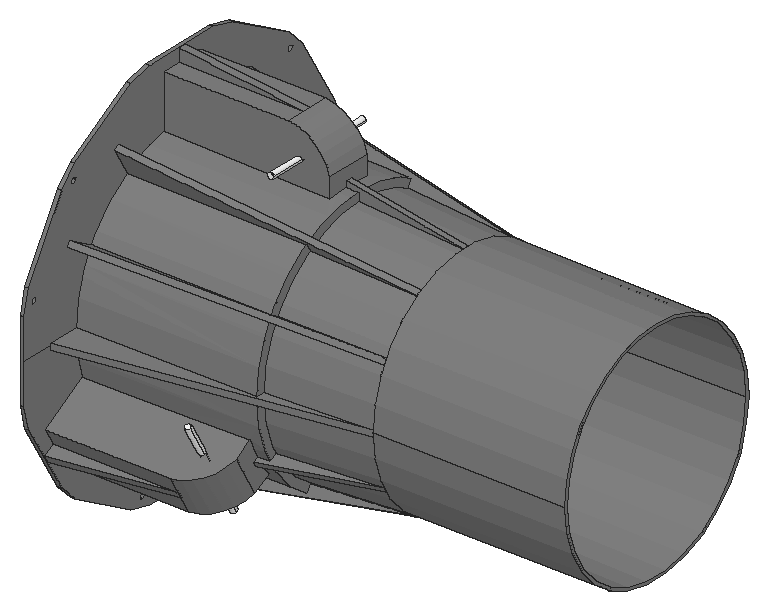
Revit family "H100FWS-RR", category Pipe Accessories, Revit 2016
Family settings
  Part Type = Breaks Into
  Round Connector Dimension = Use Diameter
  Work Plane-Based = No
  Always vertical = No
  Cut with Voids When Loaded = No
  Shared = No
Parameters
  URL = "http://www.snapcollars.com.au"
  Model = "H100FWS-RR"
  Manufacturer = "Snap Fire Systems"
  Description = "The H100FWS-RR is a high-top, cast-in fire collar for concrete slabs 150mm or thicker.\r\n\r\nApproved for stack applications only."
  Cut Depth Offset [instance] = Cut Depth + 1 mm  # 1 mm
  Cut Depth [instance] = 0 mm
  Assembly Code = ""
Reference planes
  plane 1 "Center (Front/Back)": y = 0
  plane 2: z = 0
  plane 3 "Center (Left/Right)": x = 21
  plane 4: x = -230
  plane 5: x = -80
  plane 6: y = 90.593
  plane 7: y = -50
  plane 8: y = 100.593
  plane 9: y = -60
  plane 10: x = -99.679
  plane 11: x = -79.975
Forms (mm)
  Revolve 1, solid, material "PVC-Black", detail levels medium+fine
    sketch origin (0, 0, 0) x (1, 0, 0) y (0, 1, 0)
      loop
        line (-227.967, -69.144) -> (-134.479, -68.001) -> (-134.479, -63.623) -> (-79.996, -60.419) -> (21, -59.891) -> (21, -58.577) -> (-141.666, -55.896) -> (-141.666, -63.997) -> (-230, -65.169) -> (-230, -105) -> (-227.967, -105) -> (-227.967, -69.144)
      axis (-230, 0) -> (21, 0)
    angle from 0 to 360
  Extrusion 2, void
    sketch origin (-227.967, 0, 0) x (0, 1, 0) y (0, 0, -1)
      loop
        line (-27.564, -102.871) -> (27.564, -102.871) -> (75.307, -75.307) -> (102.871, -27.564) -> (102.871, 27.564) -> (75.307, 75.307) -> (27.564, 102.871) -> (-27.564, 102.871) -> (-75.307, 75.307) -> (-102.871, 27.564) -> (-102.871, -27.564) -> (-75.307, -75.307) -> (-27.564, -102.871)
      loop
        circle (0, 0) r 118.785
    from 0 to 2.033
  Extrusion 3, void
    sketch origin (-227.967, 0, 0) x (0, 1, 0) y (0, 0, -1)
      loop
        circle (-70.697, -70.697) r 1.577
      loop
        circle (-96.574, -25.877) r 1.577
      loop
        circle (96.571, -25.888) r 1.577
      loop
        circle (70.689, -70.705) r 1.577
      loop
        circle (-25.877, 96.574) r 1.577
      loop
        circle (25.877, 96.574) r 1.577
    from 0 to 2.033
  Extrusion 4, solid, material "PVC-Black", detail levels fine
    sketch origin (0, 0, 0) x (1, 0, 0) y (0, 0, 1)
      loop
        line (-80, 60.418) -> (-227.967, 86.048) -> (-227.967, 69.12) -> (-80, 60.418)
    from -1.5 to 1.5
  Extrusion 5, solid, material "PVC-Black", detail levels fine
    sketch origin (0, 0, 0) x (1, 0, 0) y (0, -0.5, 0.866025)
      loop
        line (-80, 60.418) -> (-227.967, 86.048) -> (-227.967, 69.12) -> (-80, 60.418)
    from -1.5 to 1.5
  Extrusion 6, solid, material "PVC-Black", detail levels fine
    sketch origin (0, 0, 0) x (1, 0, 0) y (0, -0.866025, 0.5)
      loop
        line (-80, 60.418) -> (-227.967, 86.048) -> (-227.967, 69.12) -> (-80, 60.418)
    from -1.5 to 1.5
  Extrusion 7, solid, material "PVC-Black", detail levels fine
    sketch origin (0, 0, 0) x (0, -1, 0) y (-1, 0, 0)
      loop
        line (60.418, 80) -> (86.048, 227.967) -> (69.12, 227.967) -> (60.418, 80)
    from -1.5 to 1.5
  Extrusion 8, solid, material "PVC-Black", detail levels fine
    sketch origin (0, 0, 0) x (1, 0, 0) y (0, -0.866025, -0.5)
      loop
        line (-80, 60.418) -> (-227.967, 86.048) -> (-227.967, 69.12) -> (-80, 60.418)
    from -1.5 to 1.5
  Extrusion 9, solid, material "PVC-Black", detail levels fine
    sketch origin (0, 0, 0) x (1, 0, 0) y (0, -0.5, -0.866025)
      loop
        line (-80, 60.418) -> (-227.967, 86.048) -> (-227.967, 69.12) -> (-80, 60.418)
    from -1.5 to 1.5
  Extrusion 10, solid, material "PVC-Black", detail levels fine
    sketch origin (0, 0, 0) x (1, 0, 0) y (0, 0, -1)
      loop
        line (-80, 60.418) -> (-227.967, 86.048) -> (-227.967, 69.12) -> (-80, 60.418)
    from -1.5 to 1.5
  Extrusion 11, solid, material "PVC-Black", detail levels fine
    sketch origin (0, 0, 0) x (1, 0, 0) y (0, 0.5, -0.866025)
      loop
        line (-80, 60.418) -> (-227.967, 86.048) -> (-227.967, 69.12) -> (-80, 60.418)
    from -1.5 to 1.5
  Extrusion 12, solid, material "PVC-Black", detail levels fine
    sketch origin (0, 0, 0) x (1, 0, 0) y (0, 0.866025, -0.5)
      loop
        line (-80, 60.418) -> (-227.967, 86.048) -> (-227.967, 69.12) -> (-80, 60.418)
    from -1.5 to 1.5
  Extrusion 13, solid, material "PVC-Black", detail levels fine
    sketch origin (0, 0, 0) x (1, 0, 0) y (0, 1, 0)
      loop
        line (-80, 60.418) -> (-227.967, 86.048) -> (-227.967, 69.12) -> (-80, 60.418)
    from -1.5 to 1.5
  Extrusion 14, solid, material "PVC-Black", detail levels fine
    sketch origin (0, 0, 0) x (1, 0, 0) y (0, 0.866025, 0.5)
      loop
        line (-80, 60.418) -> (-227.967, 86.048) -> (-227.967, 69.12) -> (-80, 60.418)
    from -1.5 to 1.5
  Extrusion 15, solid, material "PVC-Black", detail levels fine
    sketch origin (0, 0, 0) x (1, 0, 0) y (0, 0.5, 0.866025)
      loop
        line (-80, 60.418) -> (-227.967, 86.048) -> (-227.967, 69.12) -> (-80, 60.418)
    from -1.5 to 1.5
  Extrusion 16, solid, material "PVC-Black", detail levels medium+fine
    sketch origin (0, 0, 0) x (1, 0, 0) y (0, 0, 1)
      loop
        line (-227.967, 58.439) -> (-140.967, 58.439) -> (-140.967, 77.244)
        arc (-140.967, 77.244) -> (-148.679, 90.01) -> (-162.316, 96.048) r 24.811
        line (-162.316, 96.048) -> (-227.967, 96.048) -> (-227.967, 58.439)
    from -12 to 12
  Extrusion 17, solid, material "PVC-Black", detail levels medium+fine
    sketch origin (0, 0, 0) x (1, 0, 0) y (0, -0.866025, -0.5)
      loop
        line (-227.967, 58.439) -> (-140.967, 58.439) -> (-140.967, 77.244)
        arc (-140.967, 77.244) -> (-148.679, 90.01) -> (-162.316, 96.048) r 24.811
        line (-162.316, 96.048) -> (-227.967, 96.048) -> (-227.967, 58.439)
    from -12 to 12
  Extrusion 18, solid, material "PVC-Black", detail levels medium+fine
    sketch origin (0, 0, 0) x (1, 0, 0) y (0, 0.866025, -0.5)
      loop
        line (-227.967, 58.439) -> (-140.967, 58.439) -> (-140.967, 77.244)
        arc (-140.967, 77.244) -> (-148.679, 90.01) -> (-162.316, 96.048) r 24.811
        line (-162.316, 96.048) -> (-227.967, 96.048) -> (-227.967, 58.439)
    from -12 to 12
  Extrusion 19, solid, material "PVC-Black", detail levels fine
    sketch origin (0, 0, 0) x (1, 0, 0) y (0, 0, 1)
      loop
        line (-227.967, 102.871) -> (-227.967, 96.048) -> (-162.316, 96.048) -> (-227.967, 102.871)
    from -2 to 2
  Extrusion 20, solid, material "PVC-White", detail levels fine
    sketch origin (0, 0, 0) x (1, 0, 0) y (0, 0.866025, -0.5)
      loop
        line (-227.967, 102.871) -> (-227.967, 96.048) -> (-162.316, 96.048) -> (-227.967, 102.871)
    from -2 to 2
  Extrusion 21, solid, material "PVC-Black", detail levels fine
    sketch origin (0, 0, 0) x (1, 0, 0) y (0, -0.866025, -0.5)
      loop
        line (-227.967, 102.871) -> (-227.967, 96.048) -> (-162.316, 96.048) -> (-227.967, 102.871)
    from -2 to 2
  Extrusion 22, solid, material "PVC-White", not visible, detail levels fine
    sketch origin (0, 0, 0) x (1, 0, 0) y (0, 0, 1)
      loop
        line (-80, 60.418) -> (-227.967, 86.048) -> (-227.967, 69.12) -> (-80, 60.418)
    from -1.5 to 1.5
  Extrusion 23, solid, material "PVC-White", not visible, detail levels fine
    sketch origin (0, 0, 0) x (1, 0, 0) y (0, -0.5, 0.866025)
      loop
        line (-80, 60.418) -> (-227.967, 86.048) -> (-227.967, 69.12) -> (-80, 60.418)
    from -1.5 to 1.5
  Extrusion 24, solid, material "PVC-White", not visible, detail levels fine
    sketch origin (0, 0, 0) x (1, 0, 0) y (0, -0.866025, 0.5)
      loop
        line (-80, 60.418) -> (-227.967, 86.048) -> (-227.967, 69.12) -> (-80, 60.418)
    from -1.5 to 1.5
  Extrusion 25, solid, material "PVC-White", not visible, detail levels fine
    sketch origin (0, 0, 0) x (0, -1, 0) y (-1, 0, 0)
      loop
        line (60.418, 80) -> (86.048, 227.967) -> (69.12, 227.967) -> (60.418, 80)
    from -1.5 to 1.5
  Extrusion 26, solid, material "PVC-White", not visible, detail levels fine
    sketch origin (0, 0, 0) x (1, 0, 0) y (0, -0.866025, -0.5)
      loop
        line (-80, 60.418) -> (-227.967, 86.048) -> (-227.967, 69.12) -> (-80, 60.418)
    from -1.5 to 1.5
  Extrusion 27, solid, material "PVC-White", not visible, detail levels fine
    sketch origin (0, 0, 0) x (1, 0, 0) y (0, -0.5, -0.866025)
      loop
        line (-80, 60.418) -> (-227.967, 86.048) -> (-227.967, 69.12) -> (-80, 60.418)
    from -1.5 to 1.5
  Extrusion 28, solid, material "PVC-White", not visible, detail levels fine
    sketch origin (0, 0, 0) x (1, 0, 0) y (0, 0, -1)
      loop
        line (-80, 60.418) -> (-227.967, 86.048) -> (-227.967, 69.12) -> (-80, 60.418)
    from -1.5 to 1.5
  Extrusion 29, solid, material "PVC-White", not visible, detail levels fine
    sketch origin (0, 0, 0) x (1, 0, 0) y (0, 0.5, -0.866025)
      loop
        line (-80, 60.418) -> (-227.967, 86.048) -> (-227.967, 69.12) -> (-80, 60.418)
    from -1.5 to 1.5
  Extrusion 30, solid, material "PVC-White", not visible, detail levels fine
    sketch origin (0, 0, 0) x (1, 0, 0) y (0, 0.866025, -0.5)
      loop
        line (-80, 60.418) -> (-227.967, 86.048) -> (-227.967, 69.12) -> (-80, 60.418)
    from -1.5 to 1.5
  Extrusion 31, solid, material "PVC-White", not visible, detail levels fine
    sketch origin (0, 0, 0) x (1, 0, 0) y (0, 1, 0)
      loop
        line (-80, 60.418) -> (-227.967, 86.048) -> (-227.967, 69.12) -> (-80, 60.418)
    from -1.5 to 1.5
  Extrusion 32, solid, material "PVC-White", not visible, detail levels fine
    sketch origin (0, 0, 0) x (1, 0, 0) y (0, 0.866025, 0.5)
      loop
        line (-80, 60.418) -> (-227.967, 86.048) -> (-227.967, 69.12) -> (-80, 60.418)
    from -1.5 to 1.5
  Extrusion 33, solid, material "PVC-White", not visible, detail levels fine
    sketch origin (0, 0, 0) x (1, 0, 0) y (0, 0.5, 0.866025)
      loop
        line (-80, 60.418) -> (-227.967, 86.048) -> (-227.967, 69.12) -> (-80, 60.418)
    from -1.5 to 1.5
  Extrusion 34, solid, material "PVC-White", detail levels fine
    sketch origin (0, 0, 0) x (1, 0, 0) y (0, 0, 1)
      loop
        circle (-157.362, 79.878) r 1.5
    from -30 to 30
  Extrusion 35, solid, material "PVC-White", detail levels fine
    sketch origin (0, 0, 0) x (1, 0, 0) y (0, 0.866025, -0.5)
      loop
        circle (-157.362, 79.878) r 1.5
    from -30 to 30
  Extrusion 36, solid, material "PVC-White", detail levels fine
    sketch origin (0, 0, 0) x (1, 0, 0) y (0, -0.866025, -0.5)
      loop
        circle (-157.362, 79.878) r 1.5
    from -30 to 30
  Extrusion 37, void
    sketch origin (21, 0, 0) x (0, 1, 0) y (0, 0, -1)
      loop
        circle (0, 0) r 70
    from 0 to 1 <- "Cut Depth Offset"
Cuts and joins
  Extrusion 2, Extrusion 3, Extrusion 37 cuts Revolve 1
  joined: Revolve 1, Extrusion 16, Extrusion 17, Extrusion 18
Dimensions and locks
  plane 4 to plane 3 "Center (Left/Right)" = 251 mm
  Extrusion 4 sketch curve to Extrusion 4 sketch curve = 0 mm
  Extrusion 5 sketch curve to Extrusion 5 sketch curve = 0 mm
  Extrusion 6 sketch curve to Extrusion 6 sketch curve = 0 mm
  Extrusion 7 sketch curve to Extrusion 7 sketch curve = 0 mm
  Extrusion 8 sketch curve to Extrusion 8 sketch curve = 0 mm
  Extrusion 9 sketch curve to Extrusion 9 sketch curve = 0 mm
  Extrusion 10 sketch curve to Extrusion 10 sketch curve = 0 mm
  Extrusion 11 sketch curve to Extrusion 11 sketch curve = 0 mm
  Extrusion 12 sketch curve to Extrusion 12 sketch curve = 0 mm
  Extrusion 13 sketch curve to Extrusion 13 sketch curve = 0 mm
  Extrusion 14 sketch curve to Extrusion 14 sketch curve = 0 mm
  Extrusion 15 sketch curve to Extrusion 15 sketch curve = 0 mm
  Extrusion 22 sketch curve to Extrusion 22 sketch curve = 0 mm
  Extrusion 23 sketch curve to Extrusion 23 sketch curve = 0 mm
  Extrusion 24 sketch curve to Extrusion 24 sketch curve = 0 mm
  Extrusion 25 sketch curve to Extrusion 25 sketch curve = 0 mm
  Extrusion 26 sketch curve to Extrusion 26 sketch curve = 0 mm
  Extrusion 27 sketch curve to Extrusion 27 sketch curve = 0 mm
  Extrusion 28 sketch curve to Extrusion 28 sketch curve = 0 mm
  Extrusion 29 sketch curve to Extrusion 29 sketch curve = 0 mm
  Extrusion 30 sketch curve to Extrusion 30 sketch curve = 0 mm
  Extrusion 31 sketch curve to Extrusion 31 sketch curve = 0 mm
  Extrusion 32 sketch curve to Extrusion 32 sketch curve = 0 mm
  Extrusion 33 sketch curve to Extrusion 33 sketch curve = 0 mm
  aligned and locked: level to plane 2
  aligned and locked: plane 1 "Center (Front/Back)" to Revolve 1 sketch curve
  aligned and locked: plane 3 "Center (Left/Right)" to Extrusion 37
Connectors
  piping at (-99.679, 0, 0), diameter 100
    settings: on plane 10, index 4, connector inside diameter 609.6 mm, connector length 0 mm, flow factor 0, pipe flow 0.0 L/s, pressure drop 0.0 Pa, fitting loss kfactor 0, connector angle 0.00°, fixture units 0, engagement length 0 mm, angle of deflection 0.00°, flow configuration 0, flow direction 0, fitting loss method 0, system type 7, joint type 0, gender type 0, connector reference index -1, connector utility 0, adjustable connector no, is connector primary yes, connector description ""
  piping at (-80, 0, 0), diameter 100
    settings: on plane 5, index 5, connector inside diameter 609.6 mm, connector length 0 mm, flow factor 0, pipe flow 0.0 L/s, pressure drop 0.0 Pa, fitting loss kfactor 0, connector angle 0.00°, fixture units 0, engagement length 0 mm, angle of deflection 0.00°, flow configuration 0, flow direction 0, fitting loss method 0, system type 7, joint type 0, gender type 0, connector reference index -1, connector utility 0, adjustable connector no, is connector primary no, connector description ""
